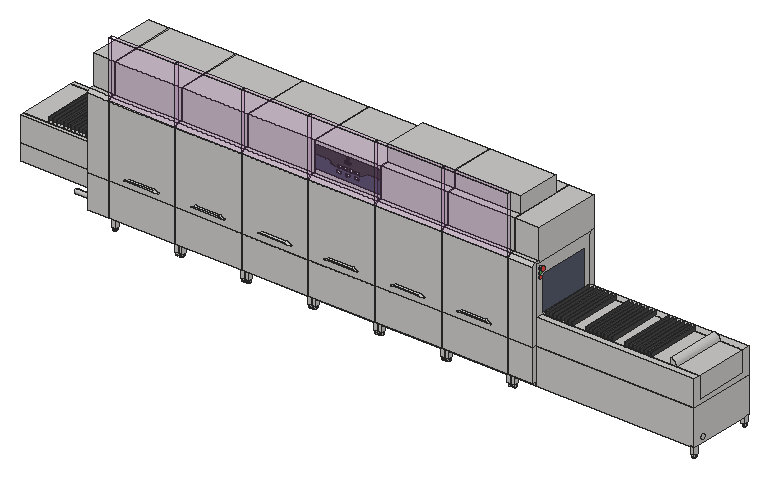
Revit family "QF_ELECTROLUXPROFESSIONAL_520754_EFTD108E1", category Attrezzature speciali, Revit 2020 (continued)
Definition of nested family "ELX_LOGO_WORDS_WHITE"
  Forms (mm)
    Extrusion 2, solid, visible <- "Show Logo"
      sketch origin (0, 0, 0) x (1, 0, 0) y (0, 1, 0)
        loop
          arc (2.99, -7.864) -> (2.718, -7.441) -> (3.111, -7.128) r 0.375
          arc (3.111, -7.128) -> (3.581, -7.241) -> (3.943, -7.563) r 0.998
          line (3.943, -7.563) -> (4.417, -6.94)
        loop
          line (8.225, -6.414) -> (8.225, -10.561) -> (9.077, -10.561) -> (9.077, -6.414) -> (8.225, -6.414)
        loop
          circle (14.827, -8.488) r 1.29
        loop
          circle (14.827, -8.488) r 2.154
        loop
          line (20.548, -10.561) -> (21.409, -10.561) -> (21.409, -7.954) -> (23.306, -10.561) -> (24.135, -10.561) -> (24.135, -6.414) -> (23.274, -6.414) -> (23.274, -9.101) -> (21.377, -6.414) -> (20.548, -6.414) -> (20.548, -10.561)
        loop
          line (28.435, -10.561) -> (28.839, -9.667) -> (30.373, -9.667) -> (30.777, -10.561) -> (31.693, -10.561) -> (29.942, -6.414) -> (29.142, -6.414) -> (27.519, -10.561) -> (28.435, -10.561)
        loop
          line (29.99, -8.816) -> (29.579, -7.905) -> (29.18, -8.816) -> (29.99, -8.816)
        loop
          line (35.929, -9.777) -> (35.929, -6.414) -> (35.076, -6.414) -> (35.076, -10.561) -> (37.523, -10.561) -> (37.523, -9.777) -> (35.929, -9.777)
        loop
          arc (-1.8, -6.94) -> (-2.35, -6.489) -> (-3.046, -6.345) r 1.485
          arc (-3.046, -6.345) -> (-3.689, -6.503) -> (-4.218, -6.902) r 1.645
          arc (-4.218, -6.902) -> (-4.316, -7.844) -> (-3.708, -8.571) r 1.217
          arc (-3.708, -8.571) -> (-3.197, -8.741) -> (-2.712, -8.976) r 4.201
          arc (-2.712, -8.976) -> (-2.405, -9.337) -> (-2.616, -9.761) r 0.43
          arc (-2.616, -9.761) -> (-3.008, -9.853) -> (-3.399, -9.754) r 0.846
          arc (-3.399, -9.754) -> (-3.736, -9.511) -> (-3.942, -9.15) r 0.983
          line (-3.942, -9.15) -> (-4.668, -9.489)
          arc (-4.668, -9.489) -> (-4.407, -9.993) -> (-3.985, -10.374) r 1.595
          arc (-3.985, -10.374) -> (-3.507, -10.578) -> (-2.99, -10.63) r 1.719
          arc (-2.99, -10.63) -> (-2.351, -10.503) -> (-1.775, -10.197) r 2.246
          arc (-1.775, -10.197) -> (-1.521, -9.52) -> (-1.652, -8.81) r 1.349
          arc (-1.652, -8.81) -> (-1.936, -8.482) -> (-2.298, -8.245) r 1.564
          arc (-2.298, -8.245) -> (-2.757, -8.04) -> (-3.228, -7.864) r 8.236
          arc (-3.228, -7.864) -> (-3.5, -7.441) -> (-3.107, -7.128) r 0.375
          arc (-3.107, -7.128) -> (-2.636, -7.241) -> (-2.274, -7.563) r 0.998
          line (-2.274, -7.563) -> (-1.8, -6.94)
      from 0 to 1.644
  Dimensions and locks
    aligned and locked: plane 2 to Extrusion 1
    aligned and locked: level to Extrusion 1
Definition of nested family "ELX_LOGO_MONO_SMALL_WHITE"
  Parameters (values of type "ELX_LOGO_MONO_SMALL_WHITE")
    Show Logo [instance] = yes
    Default Elevation = 1219.2 mm
  Reference planes
    plane 1 "Center (Front/Back)": y = -49
    plane 2: z = 0
    plane 3 "Center (Left/Right)": x = -9.92
  Forms (mm)
    Extrusion 1, solid
      sketch origin (0, 0, 0) x (1, 0, 0) y (0, 1, 0)
        loop
          line (-1219.2, 1219.2) -> (-1219.2, -1219.2) -> (1219.2, -1219.2) -> (1219.2, 1219.2) -> (-1219.2, 1219.2)
      from 0 to -304.8
    Extrusion 2, solid, visible <- "Show Logo"
      sketch origin (84.462, 509.781, 0) x (1, 0, 0) y (0, 1, 0)
        loop
          line (-97.736, -569.727) -> (-97.736, -547.891)
          arc (-97.736, -547.891) -> (-105.808, -558.809) -> (-97.736, -569.727) r 11.42
        loop
          arc (-96.625, -569.727) -> (-87.544, -567.663) -> (-83.169, -559.442) r 11.191
          line (-83.169, -559.442) -> (-86.782, -559.442)
          arc (-86.782, -559.442) -> (-93.235, -562.062) -> (-96.625, -568.146) r 10.49
          line (-96.625, -568.146) -> (-96.625, -569.727)
        loop
          arc (-96.625, -549.472) -> (-93.235, -555.557) -> (-86.782, -558.176) r 10.49
          line (-86.782, -558.176) -> (-83.169, -558.176)
          arc (-83.169, -558.176) -> (-87.537, -549.888) -> (-96.625, -547.611) r 11.484
          line (-96.625, -547.611) -> (-96.625, -549.472)
        loop
          line (-82.34, -570.919) -> (-82.34, -546.65) -> (-106.642, -546.65) -> (-106.642, -570.919) -> (-82.34, -570.919)
      from 0 to 1.644
  Dimensions and locks
    aligned and locked: plane 2 to Extrusion 1
    aligned and locked: level to Extrusion 1
